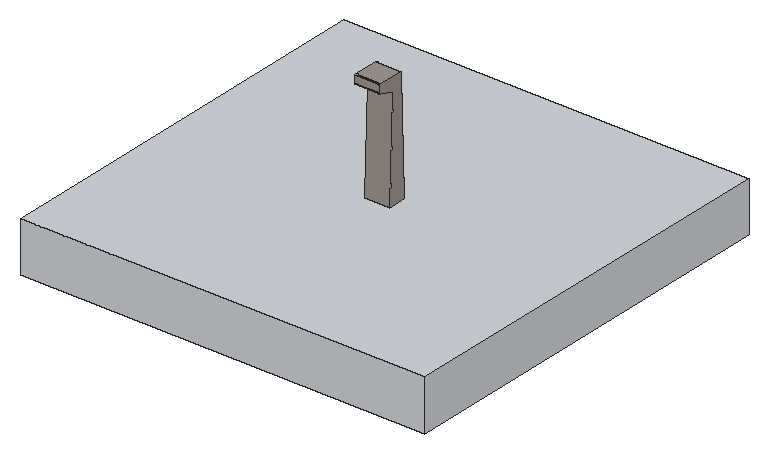
Revit family "BalizadorConcreto_PBC10W-P_PBC10W-G_PowerLume", category Luminárias, Revit 2022
Family settings
  Hospedeiro = Face
  Cota do conector redondo = Utilizar diâmetro
  Tipo de parte = Normal
  Número OmniClass = 23.80.70.14.11.14
  Título OmniClass = Post-Top Lighting
  Corte com vazios quando carregada = Sim
  Fonte luminosa = Não
  Manter orientação da anotação = Não
  Compartilhado = Sim
  Ponto de cálculo do ambiente = Não
Parameters (values of type "PBC10W-G")
  Ângulo de abertura = "Difuso assimétrico"
  Voltagem Luminária = 0 V
  Vida útil = "60000h"
  Versão = 1  # constant formula
  URL do produto = "https://www.powerlume.com.br/produtos/balizador-poste-concreto"
  URL = "https://www.powerlume.com.br/"
  Tipo de imagem = pbc10w.1237.png
  Temperatura de cor = "3000K"  # constant formula
  Potência = "10W"  # constant formula
  Peso = "0"
  Modelo de luminária = BalizadorConcreto_PBC10W-G_Base_PowerLume : PBC10W-G
  Modelo = "PBC10W-G"
  Manual de instalação = ""
  Lâmpada = "Placa LED"
  Localização = "Caxias do Sul - RS / Brasil"  # constant formula
  IfcExportAs = "IfcLightFixtureType"  # constant formula
  IRC = "90"  # constant formula
  IP = "65"  # constant formula
  Frame = Concreto, leve
  Fluxo luminoso = "858 lm"  # constant formula
  Ficha técnica = ""
  Fator de Potência Luminária = 1
  Fabricante = "Power Lume"  # constant formula
  Default Elevation = 1219.2 mm
  Profundidade = 158 mm  # constant formula
  Difusor = PMMA transparente anti UV
  Descrição = "Poste balizador LED em concreto"
  Data da atualização = "06/03/2025"  # constant formula
  Assembly Code = ""
  Contato do fabricante = "(54) 3066-6488"  # constant formula
  Comentários de voltagem = "110 ou 220Vac 50/60Hz com driver incorporado"
  Catálogo de produtos = "https://www.powerlume.com.br/downloads"
  Carga Aparente Luminária = 0 VA
  Largura = 150 mm  # constant formula
  Altura = 700 mm
Types (2, lengths in mm): name | Ângulo de abertura | Modelo de luminária | Modelo | Altura
  PBC10W-G | "Difuso assimétrico" | BalizadorConcreto_PBC10W-G_Base_PowerLume : PBC10W-G | "PBC10W-G" | 700
  PBC10W-P | "Difuso" | BalizadorConcreto_PBC10W-P_Base_PowerLume : PBC10W-P | "PBC10W-P" | 450
Reference planes
  plane 1 "Centro (Frente/Trás)": y = 0
  plane 2: z = 0
  plane 3 "Centro (Esquerda/Direita)": x = 0
  plane 4: y = 0
Forms (mm)
  Extrusion 1, solid
    sketch origin (0, 0, 0) x (1, 0, 0) y (0, 1, 0)
      loop
        line (-1219.2, 1219.2) -> (-1219.2, -1219.2) -> (1219.2, -1219.2) -> (1219.2, 1219.2) -> (-1219.2, 1219.2)
    from 0 to -304.8
Dimensions and locks
  aligned and locked: plane 2 to Extrusion 1
  aligned and locked: level to Extrusion 1
Nested families
  nested 1: "BalizadorConcreto_PBC10W-G_Base_PowerLume" at (0, 0, 0), type <- "Modelo de luminária", type "PBC10W-G"
Connectors
  electrical at (0, 0, 0), driven by "Voltagem Luminária", driven by "Carga Aparente Luminária", driven by "Fator de Potência Luminária"
    settings: on nested 1, index 1, voltage 0 V, apparent load 0 VA, apparent load phase1 0 VA, apparent load phase2 0 VA, apparent load phase3 0 VA, power factor 1, load classification "Outro", number of poles 1, system type 31, power factor state 1, is connector primary yes, connector utility no, sub classification motor no, connector description ""
Definition of nested family "BalizadorConcreto_PBC10W-G_Base_PowerLume"
  Parameters (values of type "PBC10W-G")
    Ângulo de abertura = "Difuso"
    Voltagem Luminária = 0 V
    Vida útil = "60000h"
    Versão = 1  # constant formula
    URL do produto = "https://www.powerlume.com.br/produtos/balizador-poste-concreto"
    URL = "https://www.powerlume.com.br/"
    Type Image = element 103187
    Temperatura de cor = "3000K"
    Potência = "10W"  # constant formula
    Peso = "0"
    Model = "PBC10W-G"  # constant formula
    Manual de instalação = ""
    Lamp = "Placa LED"
    Localização = "Caxias do Sul - RS / Brasil"  # constant formula
    IfcExportAs = "IfcLightFixtureType"  # constant formula
    IRC = "85"  # constant formula
    IP = "65"  # constant formula
    Frame = none
    Fluxo luminoso = "858 lm"
    Ficha técnica = ""
    Fator de Potência Luminária = 1
    Manufacturer = "Power Lume"  # constant formula
    Default Elevation = 1219.2 mm
    Profundidade = 158 mm  # constant formula
    Difusor = none
    Description = "Poste balizador LED em concreto"
    Data da atualização = "26/02/2025"  # constant formula
    Assembly Code = ""
    Contato do fabricante = "(54) 3066-6488"  # constant formula
    Wattage Comments = "110 ou 220Vac 50/60Hz com driver incorporado"
    Catálogo de produtos = "https://www.powerlume.com.br/downloads"
    Carga Aparente Luminária = 0 VA
    Largura = 150 mm  # constant formula
    Altura = 700 mm  # constant formula
  Reference planes
    plane 1 "Centro (Frente/Trás)": y = 0
    plane 2: z = 0
    plane 3 "Centro (Esquerda/Direita)": x = 0
    plane 4: y = 0
    plane 5: through (0, -32.886, 616.949) normal (0, -0.3162, -0.9487)
  Forms (mm)
    Extrusion 1, solid
      sketch origin (0, 0, 0) x (1, 0, 0) y (0, 1, 0)
        loop
          line (-1219.2, 1219.2) -> (-1219.2, -1219.2) -> (1219.2, -1219.2) -> (1219.2, 1219.2) -> (-1219.2, 1219.2)
      from 0 to -304.8
    Extrusion 2, solid, material <- "Frame"
      sketch origin (0, 8.607, -0.139) x (0, 1, 0) y (0, 0, 1)
        loop
          arc (-41.493, 617.088) -> (-39.469, 615.569) -> (-38.761, 613.14) r 4
          line (-38.761, 613.14) -> (-62.209, 0.139) -> (44.995, 0.139) -> (23.354, 695.656)
          arc (23.354, 695.656) -> (22.377, 698.791) -> (19.383, 700.139) r 4
          line (19.383, 700.139) -> (-130.646, 700.139)
          arc (-130.646, 700.139) -> (-133.475, 698.967) -> (-134.646, 696.139) r 4
          line (-134.646, 696.139) -> (-134.646, 651.022)
          arc (-134.646, 651.022) -> (-133.891, 648.683) -> (-131.911, 647.227) r 4
          line (-131.911, 647.227) -> (-41.493, 617.088)
      from -75 to 75
    Extrusion 3, void
      sketch origin (0, 0.961, 250) x (0, 1, 0) y (0, 0, 1)
        loop
          line (-60.083, 375.694) -> (-56.92, 385.181) -> (-94.868, 397.83) -> (-98.03, 388.343) -> (-60.083, 375.694)
      from -49 to 49
    Sweep 4, solid
      path origin (0, -32.886, 616.949) x (0, 0.948683, -0.316228) y (1, 0, 0)
        loop
          line (-67.654, -49) -> (-27.654, -49) -> (-27.654, 49) -> (-67.654, 49) -> (-67.654, -49)
      profile origin (0, -97.069, 638.343) x (0, -0.948683, 0.316228) y (0, -0.316228, -0.948683)
        loop
          line (0, 0) -> (11, 0) -> (11, 1) -> (-1, 1) -> (-1, 0) -> (-1, -10) -> (0, -10) -> (0, 0)
    Extrusion 5, solid
      sketch origin (0, 0.961, 250) x (0, 1, 0) y (0, 0, 1)
        loop
          line (-93.919, 397.514) -> (-94.235, 396.565) -> (-58.185, 384.548) -> (-57.869, 385.497) -> (-93.919, 397.514)
      from -48 to 48
    Extrusion 6, solid, material <- "Difusor"
      sketch origin (0, 0.961, 250) x (0, 1, 0) y (0, 0, 1)
        loop
          line (-97.398, 387.078) -> (-61.348, 375.062) -> (-61.031, 376.01) -> (-97.081, 388.027) -> (-97.398, 387.078)
      from -48 to 48
    Extrusion 7, solid
      sketch origin (-48.428, -38.96, 628.46) x (0, -0.948683, 0.316228) y (-1, 0, 0)
        loop
          circle (21.919, -48.428) r 2
      from 0 to 1.4
  Cuts and joins
    Extrusion 3 cuts Extrusion 2
    joined: Sweep 4, Extrusion 5
  Lines and regions (mm)
    model lines
      curve 1: line (-49, -97.069, 638.343) -> (49, -97.069, 638.343)
      curve 2: line (49, -97.069, 638.343) -> (49, -59.121, 625.694)
      curve 3: line (49, -59.121, 625.694) -> (-49, -59.121, 625.694)
      curve 4: line (-49, -59.121, 625.694) -> (-49, -97.069, 638.343)
  Dimensions and locks
    aligned and locked: plane 2 to Extrusion 1
    aligned and locked: level to Extrusion 1
  Nested families
    nested 1: "BalizadorConcreto_PBC10W_FonteLuminosa_PowerLume" at (0.059, -60.355, 634.116) x (0, -0.9487, 0.3162) z (0, 0.3162, 0.9487), type "3000K"
  Definition of nested family "BalizadorConcreto_PBC10W_FonteLuminosa_PowerLume"
    Parameters (values of type "3000K")
      Tilt Angle = 90.00°  # constant formula
      Wattage = 20.212 W
      Dimming Lamp Color Temperature Shift = (empty or 0)
      built-in parameter 1150107 = 3000 (stored number, unit not read)
      built-in parameter 1150110 = 1 (stored number, unit not read)
      built-in parameter 1150109 = 1 (stored number, unit not read)
      built-in parameter 1114218 = 1 (stored number, unit not read)
      built-in parameter 1150112 = 1 (stored number, unit not read)
      built-in parameter 1150113 = 1 (stored number, unit not read)
      built-in parameter 1150132 = 2
      built-in parameter 1150137 = (empty or 0)
      built-in parameter 1150106 = 0.68277 (stored number, unit not read)
      built-in parameter 1150102 = (empty or 0)
      built-in parameter 1150105 = 68.277 (stored number, unit not read)
      Color Filter = 16777215
      built-in parameter 1114217 = 1 (stored number, unit not read)
      built-in parameter 1150139 = (empty or 0)
      Default Elevation = 1219.2 mm
      built-in parameter 1150104 = 3.9437 (stored number, unit not read)
      built-in parameter 1150115 = 1 (stored number, unit not read)
      built-in parameter 1150114 = 1 (stored number, unit not read)
      Lumens = 858 lm
      built-in parameter 1150138 = (empty or 0)
      built-in parameter 1150134 = (empty or 0)
      Photometric Web File = "PBC10W.ies"
      built-in parameter 1150133 = 10 (stored number, unit not read)
    Reference planes
      plane 1 "Centro (Frente/Trás)": y = 0
      plane 2: z = 0
      plane 3 "Centro (Esquerda/Direita)": x = 0
    Forms (mm)
      Extrusion 1, solid
        sketch origin (0, 0, 0) x (1, 0, 0) y (0, 1, 0)
          loop
            line (-1219.2, 1219.2) -> (-1219.2, -1219.2) -> (1219.2, -1219.2) -> (1219.2, 1219.2) -> (-1219.2, 1219.2)
        from 0 to -304.8
    Dimensions and locks
      aligned and locked: plane 2 to Extrusion 1
      aligned and locked: level to Extrusion 1
